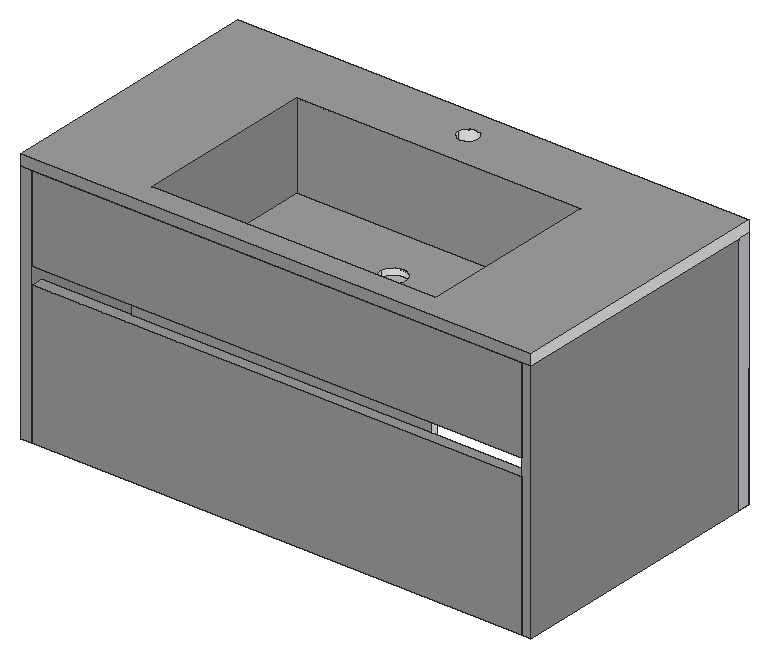
Revit family "MUEBLE SUNSET 900 TEAK", category Generic Models, Revit 2019
Family settings
  Can host rebar = No
  Round Connector Dimension = Use Diameter
  Part Type = Normal
  Work Plane-Based = No
  Always vertical = Yes
  Cut with Voids When Loaded = No
  Shared = No
  Room Calculation Point = No
Parameters (values of type "ORANS Mueble Orlando Fume (MFC 034) 060,5cm ancho")
  URL = ""
  Profundidad receptáculo = 150 mm
  Prof lavamanos = 320 mm
  Prof borde cub trasero = 120 mm
  Model = ""
  Material tirador = Acero semi pulido
  Material frentes = Fume (MFC 034) horizontal
  Material cubierta = Loza blanco brillo
  Material costados = Fume (MFC 034) vertical
  Manufacturer = ""
  Largo = 600 mm
  Largo receptáculo = if(Largo = 605 mm, 426 mm, 460 mm)  # 460 mm
  Description = ""
  Ancho tirador = 250 mm
  Ancho borde cub = 40 mm
  Ancho = 480 mm
  Amcho borde cub [instance] = 70 mm
  Alto [instance] = 450 mm
  ANCHO BORDE CUB [instance] = 70 mm
Types (12, lengths in mm): name | Prof lavamanos | Prof borde cub trasero | Material frentes | Material costados | Largo | Largo receptáculo | Ancho borde cub | Ancho | Alto
  ORANS Mueble Orlando Fume (MFC 034) 060,5cm ancho | 320 | 120 | Fume (MFC 034) horizontal | Fume (MFC 034) vertical | 600 | 460 | 40 | 480 | 450
  ORANS Mueble Orlando Fume (MFC 034) 070,5cm ancho | 275 | 115 | Fume (MFC 034) horizontal | Fume (MFC 034) vertical | 705 | 460 | 70 | 465 | 570
  ORANS Mueble Orlando Fume (MFC 034) 080,5cm ancho | 275 | 115 | Fume (MFC 034) horizontal | Fume (MFC 034) vertical | 805 | 460 | 70 | 465 | 570
  ORANS Mueble Orlando Fume (MFC 034) 100,5cm ancho | 275 | 115 | Fume (MFC 034) horizontal | Fume (MFC 034) vertical | 1050 | 460 | 70 | 465 | 570
  ORANS Mueble Orlando Haya Light (MFC 030) 060,5cm ancho | 275 | 115 | Haya Light (MFC 030) horizontal | Haya Light (MFC 030) vertical | 605 | 426 | 70 | 465 | 570
  ORANS Mueble Orlando Haya Light (MFC 030) 070,5cm ancho | 275 | 115 | Haya Light (MFC 030) horizontal | Haya Light (MFC 030) vertical | 705 | 460 | 70 | 465 | 570
  ORANS Mueble Orlando Haya Light (MFC 030) 080,5cm ancho | 275 | 115 | Haya Light (MFC 030) horizontal | Haya Light (MFC 030) vertical | 805 | 460 | 70 | 465 | 570
  ORANS Mueble Orlando Haya Light (MFC 030) 100,5cm ancho | 275 | 115 | Haya Light (MFC 030) horizontal | Haya Light (MFC 030) vertical | 1050 | 460 | 70 | 465 | 570
  ORANS Mueble Orlando Oak 1 (MFC 005) 060,5cm ancho | 275 | 115 | Oak1 (MFC 005) horizontal | Oak1 (MFC 005) vertical | 605 | 426 | 70 | 465 | 570
  ORANS Mueble Orlando Oak 1 (MFC 005) 070,5cm ancho | 275 | 115 | Oak1 (MFC 005) horizontal | Oak1 (MFC 005) vertical | 705 | 460 | 70 | 465 | 570
  ORANS Mueble Orlando Oak 1 (MFC 005) 080,5cm ancho | 275 | 115 | Oak1 (MFC 005) horizontal | Oak1 (MFC 005) vertical | 805 | 460 | 70 | 465 | 570
  ORANS Mueble Orlando Oak 1 (MFC 005) 100,5cm ancho | 275 | 115 | Oak1 (MFC 005) horizontal | Oak1 (MFC 005) vertical | 1050 | 460 | 70 | 465 | 570
Reference planes
  plane 1 "Center (Front/Back)": y = 0
  plane 2: z = 0
  plane 3 "Center (Left/Right)": x = 0
  plane 4: z = 430
  plane 5: z = 450
  plane 6: z = 250
  plane 7: z = 280
Forms (mm)
  Extrusion 1, solid, material "Loza blanco brillo" <- "Material cubierta"
    sketch origin (0, 0, 0) x (1, 0, 0) y (0, 1, 0)
      loop
        line (-450, -480) -> (450, -480) -> (450, 0) -> (-450, 0) -> (-450, -480)
      loop
        line (-250, -120) -> (-250, -440) -> (250, -440) -> (250, -120) -> (-250, -120)
      loop
        circle (0, -55) r 17.5
    from 430 to 450
  Extrusion 2, solid, material "Loza blanco brillo" <- "Material cubierta"
    sketch origin (0, 0, 0) x (1, 0, 0) y (0, 1, 0)
      loop
        line (-270, -110) -> (-270, -450) -> (250, -450) -> (250, -110) -> (-270, -110)
      loop
        circle (0, -220) r 22.5
    from 290 to 430
  Extrusion 3, void
    sketch origin (0, 0, 0) x (1, 0, 0) y (0, 1, 0)
      loop
        line (-250, -120) -> (-250, -440) -> (250, -440) -> (250, -120) -> (-250, -120)
    from 300 to 430
  Extrusion 4, solid, material "Loza blanco brillo"
    sketch origin (0, 0, 0) x (1, 0, 0) y (0, 1, 0)
      loop
        line (-430, 0) -> (-450, 0) -> (-450, -480) -> (-430, -480) -> (-430, 0)
    from 0 to 430
  Extrusion 5, solid, material "Loza blanco brillo"
    sketch origin (590, 0, 0) x (1, 0, 0) y (0, 1, 0)
      loop
        line (-155, 0) -> (-155, -480) -> (-140, -480) -> (-140, 0) -> (-155, 0)
    from 0 to 430
  Extrusion 6, solid, material "Fume (MFC 034) horizontal" <- "Material frentes"
    sketch origin (0, 0, 0) x (1, 0, 0) y (0, 0, 1)
      loop
        line (-430, 430) -> (-430, 280) -> (435, 280) -> (435, 430) -> (-430, 430)
    from 460 to 480
  Extrusion 7, solid, material "Fume (MFC 034) horizontal" <- "Material frentes"
    sketch origin (0, 0, -200) x (1, 0, 0) y (0, 0, 1)
      loop
        line (-430, 450) -> (-430, 200) -> (435, 200) -> (435, 450) -> (-430, 450)
    from 460 to 480
  Extrusion 8, solid, material "Loza blanco brillo" <- "Material cubierta"
    sketch origin (0, 0, 0) x (1, 0, 0) y (0, 0, 1)
      loop
        line (-270, 300) -> (-270, 220) -> (260, 220) -> (260, 300) -> (-270, 300)
    from 450 to 460
  Extrusion 9, solid
    sketch origin (0, 0, 0) x (0, 1, 0) y (0, 0, 1)
      loop
        line (0, 0) -> (0, 430) -> (-20, 430) -> (-20, 0) -> (0, 0)
    from -450 to 450
Cuts and joins
  Extrusion 3 cuts Extrusion 2
  joined: Extrusion 1, Extrusion 2
Dimensions and locks
  locked: plane 5 to plane 4 at 20
  plane 5 to plane 4 = 20 mm
  "Alto": plane 5 to level
  locked: cut or joined group of Extrusion 1, Extrusion 2, Extrusion 3 to cut or joined group of Extrusion 1, Extrusion 2, Extrusion 3 at 140
  locked: cut or joined group of Extrusion 1, Extrusion 2, Extrusion 3 to cut or joined group of Extrusion 1, Extrusion 2, Extrusion 3 at 130
  locked: plane 7 to plane 6 at 30
  aligned and locked: Extrusion 1 sketch curve to plane 1 "Center (Front/Back)"
  aligned and locked: plane 4 to Extrusion 3
  aligned and locked: plane 3 "Center (Left/Right)" to Extrusion 1 sketch curve
  aligned and locked: plane 3 "Center (Left/Right)" to Extrusion 2 sketch curve
  aligned and locked: plane 4 to Extrusion 4
  aligned and locked: Extrusion 4 to plane 1 "Center (Front/Back)"
  aligned and locked: plane 4 to Extrusion 5
  aligned and locked: Extrusion 5 to level
  aligned and locked: Extrusion 5 to plane 4  (x2)
  aligned and locked: level to Extrusion 5  (x2)
  aligned and locked: Extrusion 4 to level
  aligned and locked: Extrusion 4 to plane 4  (x2)
  aligned and locked: level to Extrusion 4
  aligned and locked: plane 4 to cut or joined group of Extrusion 1, Extrusion 2, Extrusion 3
  aligned and locked: Extrusion 6 to plane 7
  aligned and locked: plane 6 to Extrusion 7
Automatic sketch dimensions
  plane 1 "Center (Front/Back)" to Extrusion 4 sketch curve = 0 mm
  plane 1 "Center (Front/Back)" to Extrusion 5 sketch curve = 0 mm
  Extrusion 6 sketch curve to plane 4 = 0 mm
  Extrusion 6 sketch curve to plane 7 = 0 mm
  Extrusion 7 sketch curve to level = 0 mm
  Extrusion 7 sketch curve to plane 6 = 0 mm
  Extrusion 8 sketch curve to plane 4 = 130 mm
  Extrusion 8 sketch curve to plane 7 = 60 mm
  Extrusion 9 sketch curve to plane 5 = 20 mm
  Extrusion 9 sketch curve to plane 1 "Center (Front/Back)" = 0 mm
  Extrusion 9 sketch curve to level = 0 mm
  plane 1 "Center (Front/Back)" to Extrusion 9 sketch curve = 20 mm
  Extrusion 1 sketch curve to plane 3 "Center (Left/Right)" = 250 mm
  Extrusion 1 sketch curve to Extrusion 1 sketch curve = 200 mm  (x2)
  plane 3 "Center (Left/Right)" to Extrusion 1 sketch curve = 250 mm
  Extrusion 2 sketch curve to plane 3 "Center (Left/Right)" = 270 mm
  plane 3 "Center (Left/Right)" to Extrusion 2 sketch curve = 250 mm
  Extrusion 3 sketch curve to plane 3 "Center (Left/Right)" = 250 mm
  plane 3 "Center (Left/Right)" to Extrusion 3 sketch curve = 250 mm
  Extrusion 4 sketch curve to plane 3 "Center (Left/Right)" = 450 mm
  Extrusion 4 sketch curve to Extrusion 4 sketch curve = 20 mm
  plane 3 "Center (Left/Right)" to Extrusion 5 sketch curve = 435 mm
  Extrusion 5 sketch curve to Extrusion 5 sketch curve = 15 mm
  Extrusion 6 sketch curve to plane 3 "Center (Left/Right)" = 430 mm
  plane 3 "Center (Left/Right)" to Extrusion 6 sketch curve = 435 mm
  Extrusion 7 sketch curve to plane 3 "Center (Left/Right)" = 430 mm
  plane 3 "Center (Left/Right)" to Extrusion 7 sketch curve = 435 mm
  Extrusion 8 sketch curve to plane 3 "Center (Left/Right)" = 270 mm
  plane 3 "Center (Left/Right)" to Extrusion 8 sketch curve = 260 mm
  plane 1 "Center (Front/Back)" to Extrusion 1 sketch curve = 55 mm
  plane 1 "Center (Front/Back)" to Extrusion 1 sketch curve = 120 mm
  Extrusion 1 sketch curve to Extrusion 1 sketch curve = 320 mm
  Extrusion 1 sketch curve to Extrusion 1 sketch curve = 40 mm
  plane 1 "Center (Front/Back)" to Extrusion 2 sketch curve = 450 mm
  plane 1 "Center (Front/Back)" to Extrusion 2 sketch curve = 220 mm
  plane 1 "Center (Front/Back)" to Extrusion 2 sketch curve = 110 mm
  plane 1 "Center (Front/Back)" to Extrusion 3 sketch curve = 440 mm
  plane 1 "Center (Front/Back)" to Extrusion 3 sketch curve = 120 mm
  plane 1 "Center (Front/Back)" to Extrusion 4 sketch curve = 480 mm
  plane 1 "Center (Front/Back)" to Extrusion 5 sketch curve = 480 mm
  radius of Extrusion 1 sketch curve = 17.5 mm
  radius of Extrusion 2 sketch curve = 22.5 mm
